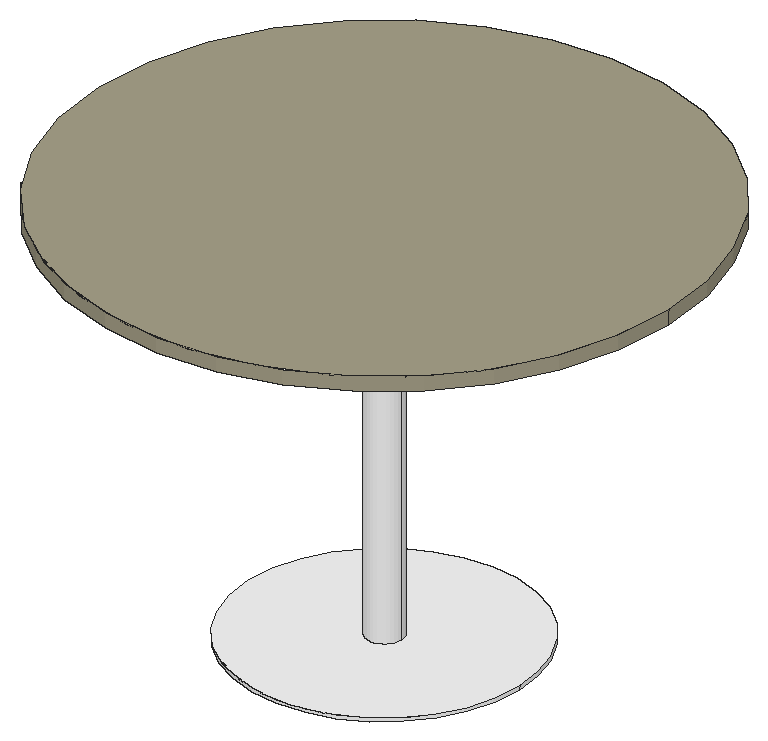
Revit family "Table-Casual-Teknion-ATCCD-Circular_Dining-R2015", category Furniture, Revit 2015
Parameters (values of type "42" Diameter")
  Worksurface Finish [instance] = Flintwood - Teknion - FX - Flax
  Warranty = "http://www.teknion.com/ca/papers/legal-canada"
  Unit Weight URL = "http://www.teknion.com/ca/tools/assets#&asset=bee6a381-b954-425e-8283-5a2de3a804f2,f828d448-4b62-4231-9e5f-9a8991c0ed77"
  URL = "www.teknion.com"
  Sustainability Data = "http://www.teknion.com/ca/tools/assets#&topic=216f99a5-57a0-44fc-b10a-9dee9b29ae4c&asset=444deb64-fe58-4b68-981e-f75e97781df7"
  Series = "Tables & Collaborative Spaces"  # constant formula
  Radius = Diameter / 2  # 21.000"
  Product Page URL = "http://www.teknion.com/ca/products/product-details?productlineid=a687336e-8e7a-673b-a6c8-ff00004460c4"
  Product Line = "Tables & Collaborative Spaces"  # constant formula
  Product Documentation Link = "http://www.teknion.com/pricing/tables/pdfs/ATCCD_ppg.pdf"
  Part Number = "ATCCD"  # constant formula
  Model = "ATCCD42"
  Manufacturer Phone = "416-661-3370"  # constant formula
  Manufacturer Fax = "416.661.4586"  # constant formula
  Manufacturer Contact Information = "http://www.teknion.com/ca/contactus"
  Manufacturer Address = "1150 Flint Road, Toronto, ON. M3J 2J5. Canada"  # constant formula
  Manufacturer = "Teknion"  # constant formula
  Height = 29.000"
  Diameter = 42.000"
  Description = "Circular Dining Table"  # constant formula
  Base Finish [instance] = Mica - Teknion - V - Satin - Very White
  Assembly Code = "E2020200"
Types (2): name | Radius | Model | Diameter
  42" Diameter | 21.000" | "ATCCD42" | 42.000"
  36" Diameter | 18.000" | "ATCCD36" | 36.000"
Reference planes (in)
  plane 1 "Center Front/Back": y = 0
  plane 2: z = 0
  plane 3 "Center Left/Right": x = 0
  plane 4 "Left": x = -21
  plane 5 "Right": x = 21
  plane 6 "Back": y = 21
  plane 7 "Front": y = -21
  plane 8 "Top": z = 29
  plane 9: z = 0.25
  plane 10: z = 27.9
  plane 11: z = 28
Forms (in)
  Extrusion 1, solid, material "Mica - Teknion - V - Satin - Very White" <- "Base Finish"
    sketch origin (0, 0, 0) x (1, 0, 0) y (0, 1, 0)
      loop
        circle (0.001, -0.00069) r 9.99323
    from 0 to 0.25
  Extrusion 2, solid, material "Mica - Teknion - V - Satin - Very White" <- "Base Finish"
    sketch origin (0, 0, 0) x (1, 0, 0) y (0, 1, 0)
      loop
        circle (0, -0.00009) r 1.26493
    from 0.25 to 27.9
  Extrusion 3, solid, material "Mica - Teknion - V - Satin - Very White" <- "Base Finish"
    sketch origin (0, 0, 0) x (1, 0, 0) y (0, 1, 0)
      loop
        line (-5, 5) -> (-5, -5) -> (5, -5) -> (5, 5) -> (-5, 5)
    from 27.9 to 28
  Extrusion 4, solid, material "Flintwood - Teknion - FX - Flax" <- "Worksurface Finish"
    sketch origin (0, 0, 0) x (1, 0, 0) y (0, 1, 0)
      loop
        circle (0, -0.0011) r 21
    from 28 to 29
Lines and regions (in)
  Masking region 1
    outline origin (0, 0, 0) x (1, 0, 0) y (0, 1, 0)
      loop
        circle (0, -0.0011) r 21
  symbolic lines, style "FurnitureHiddenLines", detail levels fine
    curve 1: arc (9.99422, -0.00069, 0) -> (0.001, 9.99254, 0) -> (-9.99223, -0.00069, 0) r 9.99323
    curve 2: arc (-9.99223, -0.00069, 0) -> (0.001, -9.99392, 0) -> (9.99422, -0.00069, 0) r 9.99323
    curve 7: arc (1.26493, -0.00009, 0) -> (0, 1.26485, 0) -> (-1.26493, -0.00009, 0) r 1.26493
    curve 8: arc (-1.26493, -0.00009, 0) -> (0, -1.26502, 0) -> (1.26493, -0.00009, 0) r 1.26493
  symbolic lines, style "FurnitureHiddenLines", detail levels medium+fine
    curve 3: line (5, 5, 0) -> (-5, 5, 0)
    curve 4: line (-5, 5, 0) -> (-5, -5, 0)
    curve 5: line (-5, -5, 0) -> (5, -5, 0)
    curve 6: line (5, -5, 0) -> (5, 5, 0)
Dimensions and locks (in)
  "Diameter": plane 4 "Left" to plane 5 "Right"
  "Diameter": plane 6 "Back" to plane 7 "Front"
  "Height": plane 8 "Top" to level
  locked: plane 9 to plane 2 at 0.25
  locked: plane 3 "Center Left/Right" to Extrusion 2 sketch curve at 0
  locked: Extrusion 2 sketch curve to plane 1 "Center Front/Back" at 0.00009
  locked: plane 11 to plane 10 at 0.1
  locked: plane 8 "Top" to plane 11 at 1
  equal spacing: plane 6 "Back", plane 1 "Center Front/Back", plane 7 "Front"
  locked: Extrusion 1 sketch curve to plane 1 "Center Front/Back" at 0.00069
  Extrusion 3 sketch curve to plane 3 "Center Left/Right" to Extrusion 3 sketch curve = 5.000" locked, 5.000" locked
  Extrusion 3 sketch curve to plane 1 "Center Front/Back" to Extrusion 3 sketch curve = 5.000" locked, 5.000" locked
  equal spacing: plane 4 "Left", plane 3 "Center Left/Right", plane 5 "Right"
  locked: plane 3 "Center Left/Right" to Extrusion 1 sketch curve at 0.001
  locked: plane 3 "Center Left/Right" to Extrusion 4 sketch curve at 0
  locked: Extrusion 4 sketch curve to plane 1 "Center Front/Back" at 0.0011
  "Radius": radius of Extrusion 4 sketch curve
  aligned and locked: level to plane 2
  aligned and locked: Extrusion 1 to plane 9
  aligned and locked: Extrusion 1 to plane 2
  aligned and locked: plane 9 to Extrusion 2
  aligned and locked: Extrusion 2 to plane 10
  aligned and locked: Extrusion 3 to plane 11
  aligned and locked: plane 10 to Extrusion 3
  aligned and locked: plane 8 "Top" to Extrusion 4
  aligned and locked: Extrusion 4 to plane 11
  aligned and locked: Masking region 1 sketch curve to Extrusion 4  (x2)
  aligned and locked: curve 1 to Extrusion 1
  aligned and locked: curve 2 to Extrusion 1
  aligned and locked: curve 7 to Extrusion 2
  aligned and locked: curve 8 to Extrusion 2
  aligned and locked: curve 5 to Extrusion 3
Automatic sketch dimensions
  curve 4 to plane 3 "Center Left/Right" = 5.000"
  plane 3 "Center Left/Right" to curve 5 = 5.000"
  curve 3 to plane 1 "Center Front/Back" = 5.000"
  radius of Extrusion 1 sketch curve = 9.99323"
  radius of Extrusion 2 sketch curve = 1.26493"
